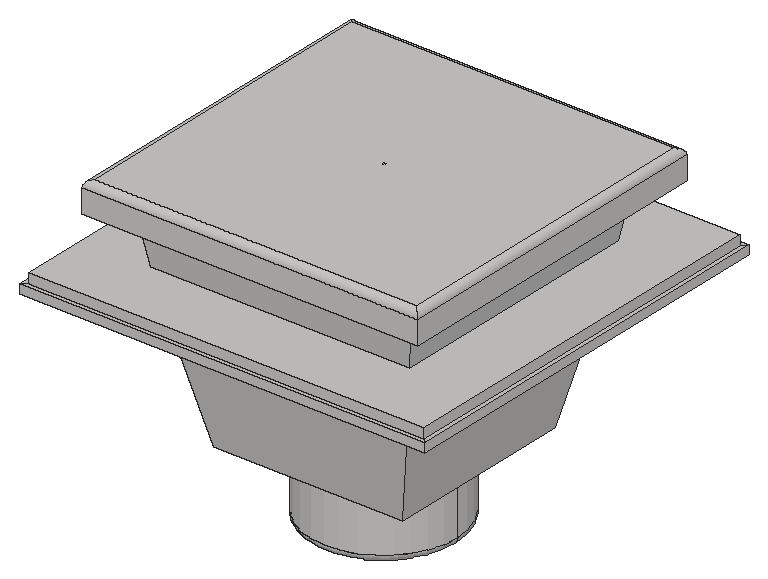
Revit family (continued)
Automatic sketch dimensions
  curve 429 to curve 433 = 0.57143"  (x2)
  curve 87 to curve 91 = 0.57143"
  curve 149 to curve 154 = 0.57143"
  curve 245 to curve 249 = 0.57143"
  curve 123 to curve 153 = 0.36111"
  curve 55 to curve 58 = 0.57143"
  curve 315 to curve 57 = 0.36111"
  curve 213 to curve 217 = 0.57143"
  curve 185 to curve 154 = 0.36111"  (x2)
  curve 281 to curve 250 = 0.36111"  (x2)
  curve 25 to curve 434 = 0.36111"
  curve 433 to curve 433 = 1/2"
  curve 281 to curve 284 = 1/2"
  curve 26 to curve 28 = 1/2"  (x2)
  curve 90 to curve 91 = 1/2"
  curve 465 to curve 468 = 1/2"  (x2)
  curve 57 to curve 60 = 1/2"
  curve 218 to curve 220 = 1/2"
  curve 187 to curve 217 = 0.36111"
  curve 121 to curve 91 = 0.36111"
  curve 313 to curve 283 = 0.36111"
  curve 155 to curve 185 = 0.36111"
  curve 252 to curve 281 = 0.36111"
  curve 219 to curve 222 = 0.57143"
  curve 91 to curve 94 = 0.57143"
  curve 435 to curve 439 = 0.57143"
  curve 465 to curve 470 = 0.57143"
  curve 125 to curve 94 = 0.36111"
  curve 29 to curve 438 = 0.36111"  (x2)
  curve 157 to curve 126 = 0.36111"  (x2)
  curve 315 to curve 319 = 0.57143"
  curve 189 to curve 158 = 0.36111"
  curve 287 to curve 317 = 0.36111"
  curve 63 to curve 470 = 0.18458"
  curve 255 to curve 285 = 0.36111"
  curve 221 to curve 224 = 1/2"
  curve 253 to curve 223 = 0.36111"
  curve 61 to curve 61 = 1/2"  (x2)
  curve 285 to curve 255 = 0.36111"
  curve 192 to curve 221 = 0.36111"
  curve 317 to curve 287 = 0.36111"
  curve 160 to curve 189 = 0.36111"
  curve 30 to curve 32 = 1/2"
  curve 128 to curve 157 = 0.36111"
  curve 96 to curve 125 = 0.36111"
  curve 471 to curve 446 = 0.57143"
  curve 29 to curve 5 = 0.57143"
  curve 319 to curve 295 = 0.57143"
  curve 37 to curve 294 = 0.36111"  (x2)
  curve 263 to curve 293 = 0.36111"
  curve 415 to curve 5 = 0.36111"
  curve 69 to curve 6 = 0.36111"  (x2)
  curve 231 to curve 261 = 0.36111"
  curve 199 to curve 229 = 0.36111"
  curve 101 to curve 70 = 0.36111"  (x2)
  curve 167 to curve 197 = 0.36111"
  curve 133 to curve 102 = 0.36111"
  curve 166 to curve 167 = 1/2"
  curve 446 to curve 448 = 1/2"  (x2)
  curve 102 to curve 104 = 1/2"
  curve 197 to curve 167 = 0.36111"
  curve 136 to curve 165 = 0.36111"
  curve 5 to curve 5 = 1/2"
  curve 72 to curve 101 = 0.36111"
  curve 229 to curve 199 = 0.36111"
  curve 40 to curve 447 = 0.18458"
  curve 296 to curve 37 = 0.36111"
  curve 261 to curve 231 = 0.36111"
  curve 261 to curve 401 = 0.61542"
  curve 101 to curve 381 = 0.61542"
  curve 380 to curve 381 = 0.36111"
  curve 405 to curve 403 = 0.36111"
  curve 385 to curve 383 = 0.36111"  (x2)
  curve 39 to curve 376 = 0.61542"
  curve 399 to curve 401 = 0.36111"
  curve 389 to curve 387 = 0.36111"  (x2)
  curve 393 to curve 391 = 0.36111"
  curve 372 to curve 377 = 0.36111"
  curve 369 to curve 370 = 1/2"
  curve 399 to curve 399 = 1/2"
  curve 401 to curve 398 = 0.36111"  (x2)
  curve 405 to curve 402 = 0.36111"  (x2)
  curve 395 to curve 397 = 0.36111"
  curve 373 to curve 406 = 0.36111"  (x2)
  curve 391 to curve 393 = 0.36111"
  curve 387 to curve 389 = 0.36111"
  curve 383 to curve 385 = 0.36111"
  curve 379 to curve 381 = 0.36111"
  curve 461 to curve 464 = 1/2"
  curve 441 to curve 444 = 1/2"
  curve 465 to curve 466 = 1/2"  (x2)
  curve 445 to curve 446 = 1/2"
  curve 469 to curve 472 = 1/2"  (x2)
  curve 457 to curve 460 = 1/2"
  curve 453 to curve 454 = 1/2"
  curve 449 to curve 450 = 1/2"
  curve 471 to curve 64 = 0.18458"
  curve 467 to curve 60 = 0.18458"
  curve 463 to curve 56 = 0.18458"
  curve 459 to curve 52 = 0.18458"
  curve 447 to curve 376 = 0.6425"
  curve 455 to curve 48 = 0.18458"
  curve 451 to curve 44 = 0.18458"
  curve 442 to curve 336 = 0.6005"
  curve 447 to curve 40 = 0.18458"
  curve 443 to curve 36 = 0.18458"
  curve 63 to curve 64 = 1/2"
  curve 59 to curve 60 = 1/2"
  curve 55 to curve 56 = 1/2"
  curve 51 to curve 52 = 1/2"
  curve 375 to curve 376 = 1/2"
  curve 47 to curve 48 = 1/2"
  curve 334 to curve 333 = 1/2"  (x2)
  curve 42 to curve 41 = 1/2"
  curve 333 to curve 368 = 0.36111"
  curve 61 to curve 320 = 0.36111"
  curve 57 to curve 316 = 0.36111"
  curve 53 to curve 312 = 0.36111"
  curve 49 to curve 308 = 0.36111"
  curve 45 to curve 304 = 0.36111"
  curve 41 to curve 300 = 0.36111"
  curve 37 to curve 296 = 0.36111"
  curve 33 to curve 292 = 0.36111"
  curve 294 to curve 294 = 1/2"
  curve 367 to curve 368 = 1/2"
  curve 315 to curve 316 = 1/2"
  curve 406 to curve 405 = 1/2"
  curve 318 to curve 317 = 1/2"
  curve 298 to curve 297 = 1/2"
  curve 291 to curve 292 = 1/2"
  curve 311 to curve 312 = 1/2"
  curve 307 to curve 308 = 1/2"
  curve 303 to curve 304 = 1/2"
  curve 309 to curve 279 = 0.36111"
  curve 301 to curve 270 = 0.36111"
  curve 305 to curve 276 = 0.36111"
  curve 297 to curve 268 = 0.36111"
  curve 313 to curve 282 = 0.36111"  (x2)
  curve 293 to curve 264 = 0.36111"
  curve 317 to curve 286 = 0.36111"  (x2)
  curve 289 to curve 260 = 0.36111"
  curve 365 to curve 362 = 0.36111"
  curve 402 to curve 402 = 1/2"
  curve 271 to curve 272 = 1/2"
  curve 274 to curve 273 = 1/2"
  curve 278 to curve 277 = 1/2"
  curve 282 to curve 281 = 1/2"
  curve 267 to curve 268 = 1/2"
  curve 286 to curve 285 = 1/2"
  curve 263 to curve 264 = 1/2"
  curve 362 to curve 361 = 1/2"
  curve 259 to curve 260 = 1/2"
  curve 281 to curve 251 = 0.36111"
  curve 401 to curve 400 = 0.36111"
  curve 361 to curve 360 = 0.36111"
  curve 285 to curve 256 = 0.36111"
  curve 277 to curve 248 = 0.36111"
  curve 273 to curve 244 = 0.36111"
  curve 269 to curve 240 = 0.36111"
  curve 265 to curve 236 = 0.36111"
  curve 261 to curve 232 = 0.36111"
  curve 257 to curve 226 = 0.36111"  (x2)
  curve 230 to curve 229 = 1/2"
  curve 226 to curve 226 = 1/2"
  curve 399 to curve 400 = 1/2"
  curve 234 to curve 233 = 1/2"
  curve 359 to curve 360 = 1/2"
  curve 238 to curve 237 = 1/2"
  curve 242 to curve 241 = 1/2"
  curve 255 to curve 256 = 1/2"
  curve 246 to curve 245 = 1/2"
  curve 251 to curve 252 = 1/2"
  curve 237 to curve 207 = 0.36111"
  curve 245 to curve 215 = 0.36111"
  curve 249 to curve 219 = 0.36111"
  curve 241 to curve 212 = 0.36111"
  curve 397 to curve 395 = 0.36111"
  curve 233 to curve 204 = 0.36111"
  curve 229 to curve 200 = 0.36111"
  curve 253 to curve 222 = 0.36111"
  curve 225 to curve 196 = 0.36111"
  curve 195 to curve 193 = 1/2"
  curve 198 to curve 197 = 1/2"
  curve 202 to curve 201 = 1/2"
  curve 354 to curve 353 = 1/2"  (x2)
  curve 206 to curve 205 = 1/2"
  curve 395 to curve 396 = 1/2"
  curve 223 to curve 224 = 1/2"
  curve 219 to curve 220 = 1/2"
  curve 215 to curve 216 = 1/2"
  curve 211 to curve 212 = 1/2"
  curve 201 to curve 172 = 0.36111"
  curve 193 to curve 163 = 0.36111"
  curve 353 to curve 350 = 0.36111"
  curve 197 to curve 166 = 0.36111"
  curve 221 to curve 192 = 0.36111"
  curve 205 to curve 174 = 0.36111"
  curve 393 to curve 390 = 0.36111"
  curve 217 to curve 188 = 0.36111"
  curve 209 to curve 178 = 0.36111"
  curve 182 to curve 182 = 1/2"
  curve 186 to curve 185 = 1/2"
  curve 179 to curve 180 = 1/2"
  curve 391 to curve 392 = 1/2"
  curve 190 to curve 189 = 1/2"
  curve 175 to curve 176 = 1/2"
  curve 162 to curve 161 = 1/2"
  curve 171 to curve 172 = 1/2"
  curve 167 to curve 168 = 1/2"
  curve 351 to curve 352 = 1/2"
  curve 189 to curve 160 = 0.36111"
  curve 181 to curve 151 = 0.36111"  (x2)
  curve 177 to curve 148 = 0.36111"
  curve 161 to curve 130 = 0.36111"
  curve 173 to curve 144 = 0.36111"
  curve 165 to curve 134 = 0.36111"
  curve 169 to curve 140 = 0.36111"
  curve 389 to curve 388 = 0.36111"
  curve 346 to curve 346 = 1/2"  (x2)
  curve 386 to curve 385 = 1/2"
  curve 155 to curve 156 = 1/2"
  curve 142 to curve 141 = 1/2"  (x2)
  curve 158 to curve 157 = 1/2"  (x2)
  curve 151 to curve 152 = 1/2"
  curve 130 to curve 129 = 1/2"  (x2)
  curve 147 to curve 148 = 1/2"
  curve 134 to curve 133 = 1/2"  (x2)
  curve 139 to curve 140 = 1/2"
  curve 157 to curve 127 = 0.36111"
  curve 153 to curve 123 = 0.36111"
  curve 141 to curve 111 = 0.36111"  (x2)
  curve 129 to curve 98 = 0.36111"
  curve 149 to curve 120 = 0.36111"
  curve 145 to curve 114 = 0.36111"  (x2)
  curve 137 to curve 108 = 0.36111"
  curve 133 to curve 104 = 0.36111"  (x2)
  curve 385 to curve 384 = 0.36111"
  curve 126 to curve 126 = 1/2"  (x2)
  curve 99 to curve 100 = 1/2"
  curve 115 to curve 116 = 1/2"
  curve 118 to curve 117 = 1/2"
  curve 382 to curve 381 = 1/2"
  curve 102 to curve 101 = 1/2"
  curve 106 to curve 105 = 1/2"  (x2)
  curve 110 to curve 109 = 1/2"  (x2)
  curve 343 to curve 344 = 1/2"
  curve 122 to curve 121 = 1/2"
  curve 341 to curve 339 = 0.36111"
  curve 121 to curve 92 = 0.36111"  (x2)
  curve 113 to curve 82 = 0.36111"
  curve 381 to curve 380 = 0.36111"  (x2)
  curve 109 to curve 80 = 0.36111"  (x2)
  curve 117 to curve 88 = 0.36111"  (x2)
  curve 105 to curve 76 = 0.36111"
  curve 125 to curve 96 = 0.36111"  (x2)
  curve 101 to curve 72 = 0.36111"
  curve 97 to curve 68 = 0.36111"
  curve 86 to curve 85 = 1/2"  (x2)
  curve 95 to curve 96 = 1/2"  (x2)
  curve 83 to curve 84 = 1/2"
  curve 66 to curve 66 = 1/2"
  curve 90 to curve 89 = 1/2"  (x2)
  curve 70 to curve 69 = 1/2"  (x2)
  curve 338 to curve 337 = 1/2"
  curve 74 to curve 73 = 1/2"
  curve 379 to curve 380 = 1/2"
  curve 79 to curve 80 = 1/2"
  curve 73 to curve 12 = 0.36111"
  curve 81 to curve 18 = 0.36111"
  curve 69 to curve 8 = 0.36111"
  curve 85 to curve 22 = 0.36111"
  curve 377 to curve 372 = 0.36111"  (x2)
  curve 89 to curve 26 = 0.36111"
  curve 337 to curve 332 = 0.36111"  (x2)
  curve 93 to curve 30 = 0.36111"
  curve 19 to curve 20 = 1/2"
  curve 15 to curve 16 = 1/2"
  curve 22 to curve 21 = 1/2"  (x2)
  curve 10 to curve 10 = 1/2"
  curve 7 to curve 8 = 1/2"  (x2)
  curve 3 to curve 4 = 1/2"  (x2)
  curve 26 to curve 25 = 1/2"  (x2)
  curve 30 to curve 29 = 1/2"  (x2)
  curve 330 to curve 329 = 1/2"  (x2)
  curve 371 to curve 372 = 1/2"
  curve 13 to curve 424 = 0.36111"
  curve 1 to curve 411 = 0.36111"  (x2)
  curve 25 to curve 436 = 0.36111"  (x2)
  curve 5 to curve 414 = 0.36111"  (x2)
  curve 21 to curve 432 = 0.36111"  (x2)
  curve 9 to curve 418 = 0.36111"
  curve 17 to curve 428 = 0.36111"  (x2)
  curve 438 to curve 437 = 1/2"
  curve 423 to curve 424 = 1/2"  (x2)
  curve 427 to curve 425 = 1/2"
  curve 430 to curve 429 = 1/2"  (x2)
  curve 419 to curve 420 = 1/2"  (x2)
  curve 434 to curve 433 = 1/2"  (x2)
  curve 415 to curve 416 = 1/2"  (x2)
  curve 411 to curve 412 = 1/2"
  curve 373 to curve 326 = 1.83514"
  curve 409 to curve 417 = 0.57143"
  curve 419 to curve 423 = 0.57143"
  curve 17 to curve 17 = 1/2"
  curve 439 to curve 29 = 0.36111"
  curve 416 to curve 5 = 0.36111"
  curve 441 to curve 34 = 0.68458"
  curve 444 to curve 35 = 0.18458"
  curve 457 to curve 457 = 1/2"
  curve 461 to curve 465 = 0.57143"
  curve 468 to curve 37 = 2.02539"
  curve 470 to curve 465 = 0.57143"
  curve 441 to curve 33 = 1.18458"
  curve 464 to curve 465 = 0.57143"
  curve 445 to curve 469 = 0.57143"
  curve 460 to curve 461 = 0.57143"
  curve 449 to curve 441 = 0.57143"
  curve 456 to curve 457 = 0.57143"
  curve 328 to curve 363 = 3.04761"
  curve 289 to curve 292 = 1/2"
  curve 324 to curve 327 = 0.45851"
  curve 327 to curve 324 = 0.45851"
  curve 327 to curve 470 = 3.14425"
  curve 327 to curve 441 = 1.64162"
  curve 323 to curve 326 = 0.45851"
  curve 67 to curve 97 = 0.36111"
  curve 417 to curve 325 = 3.16152"
  curve 325 to curve 321 = 0.45851"
  curve 322 to plane 3 "Center (Left/Right)" = 5.83773"
  curve 324 to curve 327 = 83/256"
  curve 327 to curve 363 = 0.45392"
  curve 347 to plane 1 "Center (Front/Back)" = 0.965"
  curve 347 to curve 363 = 0"
  curve 365 to curve 363 = 0"
  curve 349 to curve 347 = 0"
  curve 341 to curve 347 = 0"
  curve 353 to curve 350 = 0"
  curve 334 to curve 366 = 0"
  curve 357 to curve 354 = 0"
  curve 337 to curve 341 = 0"
  curve 331 to curve 337 = 0"
  curve 330 to curve 331 = 1/2"
  curve 361 to curve 359 = 0"
  curve 356 to curve 357 = 0"
  curve 368 to curve 333 = 0"
  curve 352 to plane 1 "Center (Front/Back)" = 0.10389"
  curve 352 to curve 353 = 0"
  curve 340 to curve 341 = 0"
  curve 348 to curve 349 = 0"
  curve 364 to curve 365 = 0"
  curve 343 to curve 345 = 0"
  curve 442 to curve 34 = 0"
  curve 341 to curve 97 = 0.57143"
  curve 291 to curve 33 = 0"  (x2)
  curve 259 to curve 289 = 0"
  curve 129 to curve 98 = 0"
  curve 227 to curve 257 = 0"
  curve 195 to curve 225 = 0"
  curve 161 to curve 130 = 0"
  curve 162 to curve 193 = 0"
  curve 65 to curve 3 = 0"
  curve 2 to curve 410 = 0"
  curve 66 to curve 97 = 0"
  curve 3 to curve 65 = 0"
  curve 193 to curve 163 = 0"
  curve 225 to curve 195 = 0"
  curve 132 to curve 161 = 0"
  curve 257 to curve 227 = 0"
  curve 34 to curve 36 = 1/2"
  curve 409 to curve 409 = 1/2"
  curve 411 to curve 1 = 0"
  curve 289 to curve 259 = 0"
  curve 100 to curve 129 = 0"
  curve 444 to curve 35 = 0"
  curve 1 to curve 10 = 0.57143"
  curve 73 to curve 10 = 0"
  curve 169 to curve 138 = 0"
  curve 170 to plane 1 "Center (Front/Back)" = 0.10389"
  curve 419 to curve 10 = 0"
  curve 43 to curve 450 = 0"
  curve 105 to curve 74 = 0"
  curve 203 to curve 233 = 0"
  curve 106 to curve 137 = 0"
  curve 42 to curve 298 = 0"
  curve 265 to curve 234 = 0"
  curve 266 to curve 297 = 0"
  curve 201 to curve 170 = 0"
  curve 73 to curve 76 = 1/2"
  curve 12 to curve 76 = 0"
  curve 42 to curve 43 = 1/2"
  curve 202 to curve 203 = 1/2"
  curve 204 to curve 172 = 0"
  curve 236 to curve 265 = 0"
  curve 297 to curve 267 = 0"
  curve 299 to curve 41 = 0"
  curve 452 to curve 43 = 0"
  curve 419 to curve 9 = 0"
  curve 137 to curve 107 = 0"
  curve 139 to curve 169 = 0"
  curve 237 to curve 206 = 0"
  curve 269 to curve 238 = 0"
  curve 14 to curve 77 = 0"
  curve 449 to curve 453 = 0.57143"
  curve 111 to curve 141 = 0"  (x2)
  curve 175 to plane 1 "Center (Front/Back)" = 0.10389"
  curve 175 to curve 206 = 0"
  curve 174 to curve 142 = 0"
  curve 110 to curve 78 = 0"
  curve 301 to curve 270 = 0"
  curve 422 to curve 13 = 0"
  curve 45 to curve 302 = 0"
  curve 46 to curve 454 = 0"
  curve 141 to curve 144 = 1/2"
  curve 48 to curve 456 = 0"
  curve 237 to curve 207 = 0"
  curve 173 to curve 143 = 0"
  curve 304 to curve 48 = 0"
  curve 175 to curve 205 = 0"
  curve 13 to curve 423 = 0"
  curve 15 to curve 77 = 0"
  curve 109 to curve 79 = 0"
  curve 269 to curve 239 = 0"
  curve 271 to curve 301 = 0"
  curve 17 to curve 426 = 0"
  curve 179 to plane 1 "Center (Front/Back)" = 0.10389"
  curve 243 to curve 273 = 0"
  curve 305 to curve 274 = 0"
  curve 49 to curve 306 = 0"
  curve 453 to curve 457 = 0.57143"
  curve 147 to curve 177 = 0"
  curve 146 to curve 114 = 0"
  curve 50 to curve 458 = 0"
  curve 83 to curve 113 = 0"
  curve 82 to curve 18 = 0"
  curve 209 to curve 178 = 0"
  curve 210 to curve 241 = 0"
  curve 116 to plane 3 "Center (Left/Right)" = 0.27387"
  curve 275 to plane 3 "Center (Left/Right)" = 0.27387"
  curve 52 to plane 3 "Center (Left/Right)" = 0.27387"
  curve 19 to plane 3 "Center (Left/Right)" = 0.27387"
  curve 83 to plane 3 "Center (Left/Right)" = 0.27387"
  curve 427 to plane 3 "Center (Left/Right)" = 0.27387"
  curve 244 to plane 3 "Center (Left/Right)" = 0.27387"
  curve 212 to plane 3 "Center (Left/Right)" = 0.27387"
  curve 180 to plane 3 "Center (Left/Right)" = 0.27387"
  curve 460 to curve 51 = 0"
  curve 147 to plane 3 "Center (Left/Right)" = 0.27387"
  curve 307 to plane 3 "Center (Left/Right)" = 0.27387"
  plane 3 "Center (Left/Right)" to curve 150 = 0.29756"
  plane 3 "Center (Left/Right)" to curve 310 = 0.29756"
  plane 3 "Center (Left/Right)" to curve 181 = 0.29756"
  plane 3 "Center (Left/Right)" to curve 22 = 0.29756"
  plane 3 "Center (Left/Right)" to curve 86 = 0.29756"
  plane 3 "Center (Left/Right)" to curve 246 = 0.29756"
  curve 182 to plane 1 "Center (Front/Back)" = 0.10389"
  plane 3 "Center (Left/Right)" to curve 430 = 0.29756"
  curve 55 to curve 462 = 0"
  plane 3 "Center (Left/Right)" to curve 53 = 0.29756"
  plane 3 "Center (Left/Right)" to curve 279 = 0.29756"
  plane 3 "Center (Left/Right)" to curve 215 = 0.29756"
  plane 3 "Center (Left/Right)" to curve 117 = 0.29756"
  curve 53 to curve 56 = 1/2"
  curve 120 to curve 152 = 0"
  curve 429 to curve 429 = 1/2"
  curve 85 to curve 24 = 0"
  curve 87 to curve 117 = 0"
  curve 464 to curve 55 = 0"
  curve 312 to curve 56 = 0"
  curve 279 to curve 309 = 0"
  curve 181 to curve 151 = 0"
  curve 245 to curve 215 = 0"
  curve 247 to curve 277 = 0"
  curve 183 to curve 213 = 0"
  curve 121 to curve 90 = 0"
  curve 149 to curve 153 = 0.57143"
  curve 187 to plane 1 "Center (Front/Back)" = 0.10389"
  curve 27 to curve 89 = 0"
  curve 123 to curve 153 = 0"
  curve 282 to curve 250 = 0"
  curve 219 to curve 249 = 0"
  curve 218 to curve 186 = 0"
  curve 154 to curve 185 = 0"
  curve 314 to curve 282 = 0"
  curve 57 to curve 314 = 0"
  curve 58 to curve 466 = 0"
  curve 315 to curve 57 = 0"
  curve 121 to curve 121 = 1/2"
  curve 219 to curve 252 = 0"
  curve 123 to curve 156 = 0"
  curve 281 to curve 252 = 0"
  curve 436 to curve 28 = 0"
  curve 283 to curve 313 = 0"
  curve 92 to curve 121 = 0"
  curve 185 to curve 155 = 0"
  curve 187 to curve 217 = 0"
  curve 191 to curve 222 = 0"
  curve 25 to curve 30 = 0.57143"
  curve 93 to curve 30 = 0"
  curve 63 to curve 470 = 0"
  curve 254 to curve 222 = 0"
  curve 62 to curve 318 = 0"
  curve 127 to curve 158 = 0"
  curve 126 to curve 94 = 0"
  curve 438 to curve 29 = 0"
  curve 287 to curve 317 = 0"
  curve 286 to curve 254 = 0"
  curve 93 to curve 93 = 1/2"
  curve 320 to curve 61 = 0"
  curve 472 to curve 63 = 0"
  curve 437 to curve 437 = 1/2"
  curve 288 to curve 317 = 0"
  curve 32 to curve 93 = 0"
  curve 256 to curve 285 = 0"
  curve 125 to curve 95 = 0"
  curve 224 to curve 253 = 0"
  curve 192 to plane 1 "Center (Front/Back)" = 0.10389"
  curve 192 to curve 221 = 0"
  curve 157 to curve 127 = 0"
  curve 159 to curve 189 = 0"
  curve 61 to curve 38 = 0.57143"
  curve 197 to curve 166 = 0"
  curve 101 to curve 70 = 0"
  curve 135 to curve 165 = 0"
  curve 229 to curve 198 = 0"
  curve 134 to curve 102 = 0"
  curve 295 to curve 37 = 0"
  curve 261 to curve 230 = 0"
  curve 5 to curve 414 = 0"
  curve 262 to curve 294 = 0"
  curve 6 to curve 69 = 0"
  curve 446 to curve 38 = 0"
  curve 293 to curve 263 = 0"
  curve 232 to curve 261 = 0"
  curve 413 to curve 413 = 1/2"
  curve 415 to curve 5 = 0"
  curve 104 to curve 133 = 0"
  curve 134 to curve 135 = 1/2"
  curve 200 to curve 229 = 0"
  curve 72 to curve 101 = 0"
  curve 168 to plane 1 "Center (Front/Back)" = 0.10389"
  curve 168 to curve 197 = 0"
  curve 37 to curve 295 = 0"
  curve 39 to curve 447 = 0"
  curve 133 to curve 385 = 0.61542"
  curve 389 to curve 388 = 0"
  curve 391 to plane 1 "Center (Front/Back)" = 0.10389"
  curve 383 to curve 385 = 0"  (x2)
  curve 393 to curve 391 = 0"
  curve 397 to curve 395 = 0"
  curve 377 to curve 371 = 0"
  curve 379 to curve 381 = 0"
  curve 401 to curve 399 = 0"
  curve 408 to curve 373 = 0"
  curve 403 to curve 408 = 0"
  curve 403 to curve 406 = 0"
  curve 399 to curve 401 = 0"
  curve 375 to curve 375 = 1/2"
  curve 374 to curve 406 = 0"
  curve 395 to curve 397 = 0"
  curve 382 to curve 378 = 0"
  curve 391 to curve 393 = 0"
  curve 371 to curve 377 = 0"
  curve 387 to curve 389 = 0"
  curve 374 to curve 327 = 0.39829"
  curve 326 to curve 323 = 83/256"
  plane 1 "Center (Front/Back)" to curve 197 = 0.25722"
  plane 1 "Center (Front/Back)" to curve 353 = 0.25722"
  plane 1 "Center (Front/Back)" to curve 216 = 0.25722"
  plane 1 "Center (Front/Back)" to curve 393 = 0.25722"
  plane 1 "Center (Front/Back)" to curve 201 = 0.25722"
  plane 1 "Center (Front/Back)" to curve 193 = 0.25722"
  plane 1 "Center (Front/Back)" to curve 205 = 0.25722"
  plane 1 "Center (Front/Back)" to curve 209 = 0.25722"
  plane 1 "Center (Front/Back)" to curve 222 = 0.25722"
  plane 1 "Center (Front/Back)" to curve 218 = 0.25722"
  curve 216 to curve 213 = 1/2"
  curve 218 to curve 217 = 1/2"
  curve 211 to curve 209 = 1/2"
  curve 222 to curve 221 = 1/2"
  curve 207 to curve 205 = 1/2"
  curve 196 to curve 193 = 1/2"
  curve 204 to curve 201 = 1/2"
  curve 395 to curve 393 = 1/2"
  curve 200 to curve 197 = 1/2"
  curve 225 to curve 194 = 0.36111"
  curve 357 to curve 354 = 0.36111"
  curve 229 to curve 198 = 0.36111"
  curve 397 to curve 394 = 0.36111"
  curve 256 to curve 223 = 0.36111"
  curve 237 to curve 206 = 0.36111"
  curve 252 to curve 219 = 0.36111"
  curve 246 to curve 214 = 0.36111"
  curve 243 to curve 241 = 1/2"
  curve 247 to curve 245 = 1/2"
  curve 239 to curve 237 = 1/2"
  curve 250 to curve 249 = 1/2"
  curve 235 to curve 233 = 1/2"
  curve 255 to curve 253 = 1/2"
  curve 226 to curve 225 = 1/2"
  curve 358 to curve 357 = 1/2"
  curve 231 to curve 229 = 1/2"
  curve 399 to curve 397 = 1/2"
  curve 265 to curve 235 = 0.36111"
  curve 285 to curve 254 = 0.36111"
  curve 269 to curve 238 = 0.36111"
  curve 361 to curve 358 = 0.36111"
  curve 273 to curve 242 = 0.36111"
  curve 261 to curve 230 = 0.36111"
  curve 277 to curve 246 = 0.36111"
  curve 283 to curve 281 = 1/2"
  curve 287 to curve 285 = 1/2"
  curve 404 to curve 401 = 1/2"
  curve 279 to curve 277 = 1/2"
  curve 264 to curve 261 = 1/2"
  curve 276 to curve 273 = 1/2"
  curve 364 to curve 361 = 1/2"
  curve 272 to curve 269 = 1/2"
  curve 268 to curve 265 = 1/2"
  curve 259 to curve 257 = 1/2"
  curve 305 to curve 274 = 0.36111"
  curve 304 to curve 271 = 0.36111"
  curve 406 to curve 402 = 0.36111"
  curve 309 to curve 278 = 0.36111"
  curve 289 to curve 258 = 0.36111"
  curve 293 to curve 262 = 0.36111"
  curve 368 to curve 363 = 0.36111"
  curve 297 to curve 266 = 0.36111"
  curve 306 to curve 305 = 1/2"
  curve 407 to curve 405 = 1/2"
  curve 304 to curve 301 = 1/2"
  curve 310 to curve 309 = 1/2"
  curve 290 to curve 289 = 1/2"
  curve 300 to curve 297 = 1/2"
  curve 314 to curve 313 = 1/2"
  curve 320 to curve 317 = 1/2"
  curve 366 to curve 365 = 1/2"
  curve 294 to curve 293 = 1/2"
  curve 376 to curve 407 = 0.36111"
  curve 33 to curve 290 = 0.36111"
  curve 41 to curve 298 = 0.36111"
  curve 333 to curve 366 = 0.36111"
  curve 49 to curve 306 = 0.36111"
  curve 62 to curve 318 = 0.36111"
  curve 53 to curve 310 = 0.36111"
  curve 58 to curve 314 = 0.36111"
  curve 375 to curve 373 = 1/2"
  curve 56 to curve 53 = 1/2"
  curve 58 to curve 57 = 1/2"
  curve 52 to curve 49 = 1/2"
  curve 62 to curve 61 = 1/2"
  curve 48 to curve 45 = 1/2"
  curve 44 to curve 41 = 1/2"
  curve 36 to curve 33 = 1/2"
  curve 40 to curve 37 = 1/2"
  curve 468 to curve 59 = 0.18458"
  curve 454 to curve 46 = 0.18458"
  curve 471 to curve 62 = 0.18458"
  curve 464 to curve 55 = 0.18458"
  curve 442 to curve 34 = 0.18458"
  curve 459 to curve 50 = 0.18458"
  curve 447 to curve 39 = 0.18458"
  curve 451 to curve 43 = 0.18458"
  curve 453 to curve 455 = 1/2"
  curve 469 to curve 470 = 1/2"
  curve 452 to curve 451 = 1/2"
  curve 457 to curve 458 = 1/2"
  curve 448 to curve 447 = 1/2"
  curve 461 to curve 462 = 1/2"
  curve 442 to curve 442 = 1/2"
  curve 328 to curve 334 = 1.2914"
  curve 322 to curve 327 = 83/256"
  curve 163 to plane 1 "Center (Front/Back)" = 0.10389"
  curve 167 to curve 165 = 1/2"
  curve 163 to curve 164 = 1/2"
  curve 170 to curve 169 = 1/2"
  curve 187 to curve 188 = 1/2"
  curve 174 to curve 173 = 1/2"
  curve 390 to curve 389 = 1/2"
  curve 178 to curve 177 = 1/2"
  curve 350 to curve 347 = 0.36111"
  curve 182 to curve 181 = 1/2"
  curve 191 to curve 189 = 1/2"
  curve 173 to curve 143 = 0.36111"
  curve 189 to curve 159 = 0.36111"
  curve 169 to curve 139 = 0.36111"
  curve 165 to curve 135 = 0.36111"
  curve 185 to curve 155 = 0.36111"
  curve 161 to curve 131 = 0.36111"
  curve 177 to curve 146 = 0.36111"
  curve 146 to curve 146 = 1/2"
  curve 150 to curve 149 = 1/2"
  curve 154 to curve 153 = 1/2"
  curve 138 to curve 137 = 1/2"
  curve 387 to curve 388 = 1/2"
  curve 137 to curve 106 = 0.36111"
  curve 129 to curve 100 = 0.36111"
  curve 149 to curve 118 = 0.36111"
  curve 153 to curve 122 = 0.36111"
  curve 345 to curve 344 = 0.36111"
  curve 383 to curve 381 = 1/2"
  curve 103 to curve 101 = 1/2"
  curve 342 to curve 341 = 1/2"
  curve 123 to curve 124 = 1/2"
  curve 119 to curve 120 = 1/2"
  curve 98 to curve 97 = 1/2"
  curve 114 to curve 113 = 1/2"
  curve 97 to curve 67 = 0.36111"
  curve 113 to curve 84 = 0.36111"
  curve 341 to curve 340 = 0.36111"
  curve 105 to curve 74 = 0.36111"
  curve 378 to curve 377 = 1/2"
  curve 78 to curve 77 = 1/2"
  curve 75 to curve 76 = 1/2"
  curve 82 to curve 81 = 1/2"
  curve 66 to curve 65 = 1/2"
  curve 339 to curve 340 = 1/2"
  curve 93 to curve 31 = 0.36111"
  curve 89 to curve 28 = 0.36111"
  curve 85 to curve 24 = 0.36111"
  curve 81 to curve 20 = 0.36111"
  curve 77 to curve 16 = 0.36111"
  curve 73 to curve 10 = 0.36111"
  curve 14 to curve 13 = 1/2"
  curve 11 to curve 12 = 1/2"
  curve 18 to curve 17 = 1/2"
  curve 370 to curve 369 = 1/2"
  curve 29 to curve 439 = 0.36111"
  curve 9 to curve 419 = 0.36111"
  curve 426 to curve 425 = 1/2"
  curve 438 to curve 438 = 1/2"
  curve 410 to curve 410 = 1/2"
  curve 369 to curve 326 = 1.49766"
  curve 328 to curve 322 = 83/256"
  radius of Extrusion 2 sketch curve = 1.87958"
Connectors (in)
  piping at (0, 0, -11), driven by "Pipe Radius"
    settings: on Revolve 1, index 1
Types (4): name | Pipe Radius | Pipe Diameter
  (no name) | 2" | 4"
  3110-02 | 1" | 2"
  3110-03 | 1 1/2" | 3"
  3110-04 | 2" | 4"
